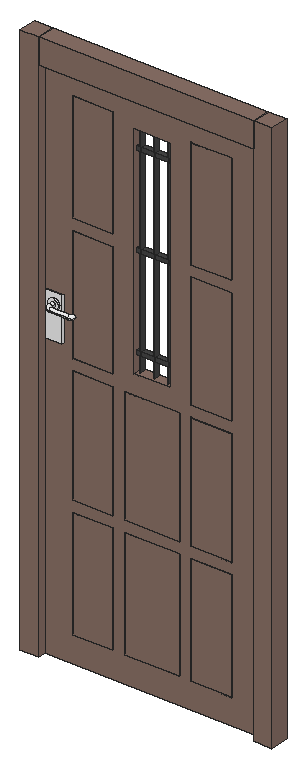
Revit family "DTI_A3-BSQTZMSOHS", category Doors, host Wall, Revit 2016 (continued)
Lines and regions (mm)
  model lines, style "Embossed carving"
    curve 1967: arc (224.066, 35, 214.028) -> (225.529, 35, 212.096) -> (227.934, 35, 211.795) r 3.118
    curve 1968: arc (227.934, 35, 211.795) -> (227.874, 35, 210.323) -> (227.19, 35, 209.018) r 3.36
    curve 1969: arc (227.19, 35, 209.018) -> (230.981, 35, 207.707) -> (233.503, 35, 210.828) r 3.491
    curve 1970: arc (233.503, 35, 210.828) -> (240.332, 35, 208.642) -> (247.162, 35, 210.828) r 11.764
    curve 1971: arc (247.162, 35, 210.828) -> (245.379, 35, 208.524) -> (243.076, 35, 206.741) r 11.531
    curve 1972: arc (243.076, 35, 206.741) -> (246.158, 35, 205.751) -> (248.48, 35, 203.494) r 7.098
    curve 1973: arc (248.48, 35, 203.494) -> (246.972, 35, 200.731) -> (243.926, 35, 199.936) r 3.966
    curve 1974: arc (243.926, 35, 199.936) -> (248.23, 35, 191.02) -> (250.664, 35, 181.423) r 49.267
    curve 1975: arc (250.664, 35, 181.423) -> (248.905, 35, 171.202) -> (241.415, 35, 164.028) r 16.574
    curve 1976: arc (241.415, 35, 164.028) -> (248.905, 35, 156.853) -> (250.664, 35, 146.632) r 16.574
    curve 1977: arc (250.664, 35, 146.632) -> (248.23, 35, 137.035) -> (243.926, 35, 128.119) r 49.267
    curve 1978: arc (243.926, 35, 128.119) -> (246.972, 35, 127.324) -> (248.48, 35, 124.561) r 3.966
    curve 1979: arc (248.48, 35, 124.561) -> (246.158, 35, 122.305) -> (243.076, 35, 121.314) r 7.098
    curve 1980: arc (243.076, 35, 121.314) -> (245.379, 35, 119.531) -> (247.162, 35, 117.227) r 11.531
    curve 1981: arc (247.162, 35, 117.227) -> (240.332, 35, 119.413) -> (233.503, 35, 117.227) r 11.764
    curve 1982: arc (233.503, 35, 117.227) -> (230.981, 35, 120.348) -> (227.19, 35, 119.038) r 3.491
    curve 1983: arc (227.19, 35, 119.038) -> (227.874, 35, 117.733) -> (227.934, 35, 116.26) r 3.36
    curve 1984: arc (227.934, 35, 116.26) -> (225.529, 35, 115.959) -> (224.066, 35, 114.028) r 3.118
    curve 1985: arc (224.066, 35, 114.028) -> (223.704, 35, 115.121) -> (223.027, 35, 116.053) r 3.748
    curve 1986: arc (223.027, 35, 212.002) -> (222.349, 35, 212.934) -> (221.987, 35, 214.028) r 3.748
    curve 1987: arc (221.987, 35, 214.028) -> (220.524, 35, 212.096) -> (218.12, 35, 211.795) r 3.118
    curve 1988: arc (218.12, 35, 211.795) -> (218.18, 35, 210.323) -> (218.864, 35, 209.018) r 3.36
    curve 1989: arc (218.864, 35, 209.018) -> (215.072, 35, 207.707) -> (212.551, 35, 210.828) r 3.491
    curve 1990: arc (212.551, 35, 210.828) -> (205.721, 35, 208.642) -> (198.891, 35, 210.828) r 11.764
    curve 1991: arc (198.891, 35, 210.828) -> (200.674, 35, 208.524) -> (202.978, 35, 206.741) r 11.531
    curve 1992: arc (202.978, 35, 206.741) -> (199.895, 35, 205.751) -> (197.574, 35, 203.494) r 7.098
    curve 1993: arc (197.574, 35, 203.494) -> (199.082, 35, 200.731) -> (202.128, 35, 199.936) r 3.966
    curve 1994: arc (202.128, 35, 199.936) -> (197.824, 35, 191.02) -> (195.389, 35, 181.423) r 49.267
    curve 1995: arc (195.389, 35, 181.423) -> (197.149, 35, 171.202) -> (204.639, 35, 164.028) r 16.574
    curve 1996: arc (204.639, 35, 164.028) -> (197.149, 35, 156.853) -> (195.389, 35, 146.632) r 16.574
    curve 1997: arc (195.389, 35, 146.632) -> (197.824, 35, 137.035) -> (202.128, 35, 128.119) r 49.267
    curve 1998: arc (202.128, 35, 128.119) -> (199.082, 35, 127.324) -> (197.574, 35, 124.561) r 3.966
    curve 1999: arc (197.574, 35, 124.561) -> (199.895, 35, 122.305) -> (202.978, 35, 121.314) r 7.098
    curve 2000: arc (202.978, 35, 121.314) -> (200.674, 35, 119.531) -> (198.891, 35, 117.227) r 11.531
    curve 2001: arc (198.891, 35, 117.227) -> (205.721, 35, 119.413) -> (212.551, 35, 117.227) r 11.764
    curve 2002: arc (212.551, 35, 117.227) -> (215.072, 35, 120.348) -> (218.864, 35, 119.038) r 3.491
    curve 2003: arc (218.864, 35, 119.038) -> (218.18, 35, 117.733) -> (218.12, 35, 116.26) r 3.36
    curve 2004: arc (218.12, 35, 116.26) -> (220.524, 35, 115.959) -> (221.987, 35, 114.028) r 3.118
    curve 2005: arc (221.987, 35, 114.028) -> (222.349, 35, 115.121) -> (223.027, 35, 116.053) r 3.748
    curve 2006: arc (-226.973, -5, 500.867) -> (-226.296, -5, 501.799) -> (-225.934, -5, 502.892) r 3.748
    curve 2007: arc (-225.934, -5, 502.892) -> (-224.471, -5, 500.961) -> (-222.066, -5, 500.66) r 3.118
    curve 2008: arc (-222.066, -5, 500.66) -> (-222.126, -5, 499.187) -> (-222.81, -5, 497.883) r 3.36
    curve 2009: arc (-222.81, -5, 497.883) -> (-219.019, -5, 496.572) -> (-216.497, -5, 499.693) r 3.491
    curve 2010: arc (-216.497, -5, 499.693) -> (-209.668, -5, 497.507) -> (-202.838, -5, 499.693) r 11.764
    curve 2011: arc (-202.838, -5, 499.693) -> (-204.621, -5, 497.389) -> (-206.924, -5, 495.606) r 11.531
    curve 2012: arc (-206.924, -5, 495.606) -> (-203.842, -5, 494.616) -> (-201.52, -5, 492.359) r 7.098
    curve 2013: arc (-201.52, -5, 492.359) -> (-203.028, -5, 489.596) -> (-206.074, -5, 488.801) r 3.966
    curve 2014: arc (-206.074, -5, 488.801) -> (-201.77, -5, 479.885) -> (-199.336, -5, 470.288) r 49.267
    curve 2015: arc (-199.336, -5, 470.288) -> (-201.095, -5, 460.067) -> (-208.585, -5, 452.892) r 16.574
    curve 2016: arc (-208.585, -5, 452.892) -> (-201.095, -5, 445.718) -> (-199.336, -5, 435.497) r 16.574
    curve 2017: arc (-199.336, -5, 435.497) -> (-201.77, -5, 425.9) -> (-206.074, -5, 416.984) r 49.267
    curve 2018: arc (-206.074, -5, 416.984) -> (-203.028, -5, 416.189) -> (-201.52, -5, 413.426) r 3.966
    curve 2019: arc (-201.52, -5, 413.426) -> (-203.842, -5, 411.169) -> (-206.924, -5, 410.179) r 7.098
    curve 2020: arc (-206.924, -5, 410.179) -> (-204.621, -5, 408.396) -> (-202.838, -5, 406.092) r 11.531
    curve 2021: arc (-202.838, -5, 406.092) -> (-209.668, -5, 408.278) -> (-216.497, -5, 406.092) r 11.764
    curve 2022: arc (-216.497, -5, 406.092) -> (-219.019, -5, 409.213) -> (-222.81, -5, 407.902) r 3.491
    curve 2023: arc (-222.81, -5, 407.902) -> (-222.126, -5, 406.597) -> (-222.066, -5, 405.125) r 3.36
    curve 2024: arc (-222.066, -5, 405.125) -> (-224.471, -5, 404.824) -> (-225.934, -5, 402.892) r 3.118
    curve 2025: arc (-225.934, -5, 402.892) -> (-226.296, -5, 403.986) -> (-226.973, -5, 404.918) r 3.748
    curve 2026: arc (-226.973, -5, 500.867) -> (-227.651, -5, 501.799) -> (-228.013, -5, 502.892) r 3.748
    curve 2027: arc (-228.013, -5, 502.892) -> (-229.476, -5, 500.961) -> (-231.88, -5, 500.66) r 3.118
    curve 2028: arc (-231.88, -5, 500.66) -> (-231.82, -5, 499.187) -> (-231.136, -5, 497.883) r 3.36
    curve 2029: arc (-231.136, -5, 497.883) -> (-234.928, -5, 496.572) -> (-237.449, -5, 499.693) r 3.491
    curve 2030: arc (-237.449, -5, 499.693) -> (-244.279, -5, 497.507) -> (-251.109, -5, 499.693) r 11.764
    curve 2031: arc (-251.109, -5, 499.693) -> (-249.326, -5, 497.389) -> (-247.022, -5, 495.606) r 11.531
    curve 2032: arc (-247.022, -5, 495.606) -> (-250.105, -5, 494.616) -> (-252.426, -5, 492.359) r 7.098
    curve 2033: arc (-252.426, -5, 492.359) -> (-250.918, -5, 489.596) -> (-247.872, -5, 488.801) r 3.966
    curve 2034: arc (-247.872, -5, 488.801) -> (-252.176, -5, 479.885) -> (-254.611, -5, 470.288) r 49.267
    curve 2035: arc (-254.611, -5, 470.288) -> (-252.851, -5, 460.067) -> (-245.361, -5, 452.892) r 16.574
    curve 2036: arc (-245.361, -5, 452.892) -> (-252.851, -5, 445.718) -> (-254.611, -5, 435.497) r 16.574
    curve 2037: arc (-254.611, -5, 435.497) -> (-252.176, -5, 425.9) -> (-247.872, -5, 416.984) r 49.267
    curve 2038: arc (-247.872, -5, 416.984) -> (-250.918, -5, 416.189) -> (-252.426, -5, 413.426) r 3.966
    curve 2039: arc (-252.426, -5, 413.426) -> (-250.105, -5, 411.169) -> (-247.022, -5, 410.179) r 7.098
    curve 2040: arc (-247.022, -5, 410.179) -> (-249.326, -5, 408.396) -> (-251.109, -5, 406.092) r 11.531
    curve 2041: arc (-251.109, -5, 406.092) -> (-244.279, -5, 408.278) -> (-237.449, -5, 406.092) r 11.764
    curve 2042: arc (-237.449, -5, 406.092) -> (-234.928, -5, 409.213) -> (-231.136, -5, 407.902) r 3.491
    curve 2043: arc (-231.136, -5, 407.902) -> (-231.82, -5, 406.597) -> (-231.88, -5, 405.125) r 3.36
    curve 2044: arc (-231.88, -5, 405.125) -> (-229.476, -5, 404.824) -> (-228.013, -5, 402.892) r 3.118
    curve 2045: arc (-228.013, -5, 402.892) -> (-227.651, -5, 403.986) -> (-226.973, -5, 404.918) r 3.748
    curve 2046: arc (-226.973, 35, 497.002) -> (-226.296, 35, 497.934) -> (-225.934, 35, 499.028) r 3.748
    curve 2047: arc (-225.934, 35, 499.028) -> (-224.471, 35, 497.096) -> (-222.066, 35, 496.795) r 3.118
    curve 2048: arc (-222.066, 35, 496.795) -> (-222.126, 35, 495.323) -> (-222.81, 35, 494.018) r 3.36
    curve 2049: arc (-222.81, 35, 494.018) -> (-219.019, 35, 492.707) -> (-216.497, 35, 495.828) r 3.491
    curve 2050: arc (-216.497, 35, 495.828) -> (-209.668, 35, 493.642) -> (-202.838, 35, 495.828) r 11.764
    curve 2051: arc (-202.838, 35, 495.828) -> (-204.621, 35, 493.524) -> (-206.924, 35, 491.741) r 11.531
    curve 2052: arc (-206.924, 35, 491.741) -> (-203.842, 35, 490.751) -> (-201.52, 35, 488.494) r 7.098
    curve 2053: arc (-201.52, 35, 488.494) -> (-203.028, 35, 485.731) -> (-206.074, 35, 484.936) r 3.966
    curve 2054: arc (-206.074, 35, 484.936) -> (-201.77, 35, 476.02) -> (-199.336, 35, 466.423) r 49.267
    curve 2055: arc (-199.336, 35, 466.423) -> (-201.095, 35, 456.202) -> (-208.585, 35, 449.028) r 16.574
    curve 2056: arc (-208.585, 35, 449.028) -> (-201.095, 35, 441.853) -> (-199.336, 35, 431.632) r 16.574
    curve 2057: arc (-199.336, 35, 431.632) -> (-201.77, 35, 422.035) -> (-206.074, 35, 413.119) r 49.267
    curve 2058: arc (-206.074, 35, 413.119) -> (-203.028, 35, 412.324) -> (-201.52, 35, 409.561) r 3.966
    curve 2059: arc (-201.52, 35, 409.561) -> (-203.842, 35, 407.305) -> (-206.924, 35, 406.314) r 7.098
    curve 2060: arc (-206.924, 35, 406.314) -> (-204.621, 35, 404.531) -> (-202.838, 35, 402.227) r 11.531
    curve 2061: arc (-202.838, 35, 402.227) -> (-209.668, 35, 404.413) -> (-216.497, 35, 402.227) r 11.764
    curve 2062: arc (-216.497, 35, 402.227) -> (-219.019, 35, 405.348) -> (-222.81, 35, 404.038) r 3.491
    curve 2063: arc (-222.81, 35, 404.038) -> (-222.126, 35, 402.733) -> (-222.066, 35, 401.26) r 3.36
    curve 2064: arc (-222.066, 35, 401.26) -> (-224.471, 35, 400.959) -> (-225.934, 35, 399.028) r 3.118
    curve 2065: arc (-225.934, 35, 399.028) -> (-226.296, 35, 400.121) -> (-226.973, 35, 401.053) r 3.748
    curve 2066: arc (-226.973, 35, 497.002) -> (-227.651, 35, 497.934) -> (-228.013, 35, 499.028) r 3.748
    curve 2067: arc (-228.013, 35, 499.028) -> (-229.476, 35, 497.096) -> (-231.88, 35, 496.795) r 3.118
    curve 2068: arc (-231.88, 35, 496.795) -> (-231.82, 35, 495.323) -> (-231.136, 35, 494.018) r 3.36
    curve 2069: arc (-231.136, 35, 494.018) -> (-234.928, 35, 492.707) -> (-237.449, 35, 495.828) r 3.491
    curve 2070: arc (-237.449, 35, 495.828) -> (-244.279, 35, 493.642) -> (-251.109, 35, 495.828) r 11.764
    curve 2071: arc (-251.109, 35, 495.828) -> (-249.326, 35, 493.524) -> (-247.022, 35, 491.741) r 11.531
    curve 2072: arc (-247.022, 35, 491.741) -> (-250.105, 35, 490.751) -> (-252.426, 35, 488.494) r 7.098
    curve 2073: arc (-252.426, 35, 488.494) -> (-250.918, 35, 485.731) -> (-247.872, 35, 484.936) r 3.966
    curve 2074: arc (-247.872, 35, 484.936) -> (-252.176, 35, 476.02) -> (-254.611, 35, 466.423) r 49.267
    curve 2075: arc (-254.611, 35, 466.423) -> (-252.851, 35, 456.202) -> (-245.361, 35, 449.028) r 16.574
    curve 2076: arc (-245.361, 35, 449.028) -> (-252.851, 35, 441.853) -> (-254.611, 35, 431.632) r 16.574
    curve 2077: arc (-254.611, 35, 431.632) -> (-252.176, 35, 422.035) -> (-247.872, 35, 413.119) r 49.267
    curve 2078: arc (-247.872, 35, 413.119) -> (-250.918, 35, 412.324) -> (-252.426, 35, 409.561) r 3.966
    curve 2079: arc (-252.426, 35, 409.561) -> (-250.105, 35, 407.305) -> (-247.022, 35, 406.314) r 7.098
    curve 2080: arc (-247.022, 35, 406.314) -> (-249.326, 35, 404.531) -> (-251.109, 35, 402.227) r 11.531
    curve 2081: arc (-251.109, 35, 402.227) -> (-244.279, 35, 404.413) -> (-237.449, 35, 402.227) r 11.764
    curve 2082: arc (-237.449, 35, 402.227) -> (-234.928, 35, 405.348) -> (-231.136, 35, 404.038) r 3.491
    curve 2083: arc (-231.136, 35, 404.038) -> (-231.82, 35, 402.733) -> (-231.88, 35, 401.26) r 3.36
    curve 2084: arc (-231.88, 35, 401.26) -> (-229.476, 35, 400.959) -> (-228.013, 35, 399.028) r 3.118
    curve 2085: arc (-228.013, 35, 399.028) -> (-227.651, 35, 400.121) -> (-226.973, 35, 401.053) r 3.748
    curve 2086: arc (-226.973, -5, 360.867) -> (-226.296, -5, 361.799) -> (-225.934, -5, 362.892) r 3.748
    curve 2087: arc (-225.934, -5, 362.892) -> (-224.471, -5, 360.961) -> (-222.066, -5, 360.66) r 3.118
    curve 2088: arc (-222.066, -5, 360.66) -> (-222.126, -5, 359.187) -> (-222.81, -5, 357.883) r 3.36
    curve 2089: arc (-222.81, -5, 357.883) -> (-219.019, -5, 356.572) -> (-216.497, -5, 359.693) r 3.491
    curve 2090: arc (-216.497, -5, 359.693) -> (-209.668, -5, 357.507) -> (-202.838, -5, 359.693) r 11.764
    curve 2091: arc (-202.838, -5, 359.693) -> (-204.621, -5, 357.389) -> (-206.924, -5, 355.606) r 11.531
    curve 2092: arc (-206.924, -5, 355.606) -> (-203.842, -5, 354.616) -> (-201.52, -5, 352.359) r 7.098
    curve 2093: arc (-201.52, -5, 352.359) -> (-203.028, -5, 349.596) -> (-206.074, -5, 348.801) r 3.966
    curve 2094: arc (-206.074, -5, 348.801) -> (-201.77, -5, 339.885) -> (-199.336, -5, 330.288) r 49.267
    curve 2095: arc (-199.336, -5, 330.288) -> (-201.095, -5, 320.067) -> (-208.585, -5, 312.892) r 16.574
    curve 2096: arc (-208.585, -5, 312.892) -> (-201.095, -5, 305.718) -> (-199.336, -5, 295.497) r 16.574
    curve 2097: arc (-199.336, -5, 295.497) -> (-201.77, -5, 285.9) -> (-206.074, -5, 276.984) r 49.267
    curve 2098: arc (-206.074, -5, 276.984) -> (-203.028, -5, 276.189) -> (-201.52, -5, 273.426) r 3.966
    curve 2099: arc (-201.52, -5, 273.426) -> (-203.842, -5, 271.169) -> (-206.924, -5, 270.179) r 7.098
    curve 2100: arc (-206.924, -5, 270.179) -> (-204.621, -5, 268.396) -> (-202.838, -5, 266.092) r 11.531
    curve 2101: arc (-202.838, -5, 266.092) -> (-209.668, -5, 268.278) -> (-216.497, -5, 266.092) r 11.764
    curve 2102: arc (-216.497, -5, 266.092) -> (-219.019, -5, 269.213) -> (-222.81, -5, 267.902) r 3.491
    curve 2103: arc (-222.81, -5, 267.902) -> (-222.126, -5, 266.597) -> (-222.066, -5, 265.125) r 3.36
    curve 2104: arc (-222.066, -5, 265.125) -> (-224.471, -5, 264.824) -> (-225.934, -5, 262.892) r 3.118
    curve 2105: arc (-225.934, -5, 262.892) -> (-226.296, -5, 263.986) -> (-226.973, -5, 264.918) r 3.748
    curve 2106: arc (-226.973, -5, 360.867) -> (-227.651, -5, 361.799) -> (-228.013, -5, 362.892) r 3.748
    curve 2107: arc (-228.013, -5, 362.892) -> (-229.476, -5, 360.961) -> (-231.88, -5, 360.66) r 3.118
    curve 2108: arc (-231.88, -5, 360.66) -> (-231.82, -5, 359.187) -> (-231.136, -5, 357.883) r 3.36
    curve 2109: arc (-231.136, -5, 357.883) -> (-234.928, -5, 356.572) -> (-237.449, -5, 359.693) r 3.491
    curve 2110: arc (-237.449, -5, 359.693) -> (-244.279, -5, 357.507) -> (-251.109, -5, 359.693) r 11.764
    curve 2111: arc (-251.109, -5, 359.693) -> (-249.326, -5, 357.389) -> (-247.022, -5, 355.606) r 11.531
    curve 2112: arc (-247.022, -5, 355.606) -> (-250.105, -5, 354.616) -> (-252.426, -5, 352.359) r 7.098
    curve 2113: arc (-252.426, -5, 352.359) -> (-250.918, -5, 349.596) -> (-247.872, -5, 348.801) r 3.966
    curve 2114: arc (-247.872, -5, 348.801) -> (-252.176, -5, 339.885) -> (-254.611, -5, 330.288) r 49.267
    curve 2115: arc (-254.611, -5, 330.288) -> (-252.851, -5, 320.067) -> (-245.361, -5, 312.892) r 16.574
    curve 2116: arc (-245.361, -5, 312.892) -> (-252.851, -5, 305.718) -> (-254.611, -5, 295.497) r 16.574
    curve 2117: arc (-254.611, -5, 295.497) -> (-252.176, -5, 285.9) -> (-247.872, -5, 276.984) r 49.267
    curve 2118: arc (-247.872, -5, 276.984) -> (-250.918, -5, 276.189) -> (-252.426, -5, 273.426) r 3.966
    curve 2119: arc (-252.426, -5, 273.426) -> (-250.105, -5, 271.169) -> (-247.022, -5, 270.179) r 7.098
    curve 2120: arc (-247.022, -5, 270.179) -> (-249.326, -5, 268.396) -> (-251.109, -5, 266.092) r 11.531
    curve 2121: arc (-251.109, -5, 266.092) -> (-244.279, -5, 268.278) -> (-237.449, -5, 266.092) r 11.764
    curve 2122: arc (-237.449, -5, 266.092) -> (-234.928, -5, 269.213) -> (-231.136, -5, 267.902) r 3.491
    curve 2123: arc (-231.136, -5, 267.902) -> (-231.82, -5, 266.597) -> (-231.88, -5, 265.125) r 3.36
    curve 2124: arc (-231.88, -5, 265.125) -> (-229.476, -5, 264.824) -> (-228.013, -5, 262.892) r 3.118
    curve 2125: arc (-228.013, -5, 262.892) -> (-227.651, -5, 263.986) -> (-226.973, -5, 264.918) r 3.748
    curve 2126: arc (-226.973, 35, 357.002) -> (-226.296, 35, 357.934) -> (-225.934, 35, 359.028) r 3.748
    curve 2127: arc (-225.934, 35, 359.028) -> (-224.471, 35, 357.096) -> (-222.066, 35, 356.795) r 3.118
    curve 2128: arc (-222.066, 35, 356.795) -> (-222.126, 35, 355.323) -> (-222.81, 35, 354.018) r 3.36
    curve 2129: arc (-222.81, 35, 354.018) -> (-219.019, 35, 352.707) -> (-216.497, 35, 355.828) r 3.491
    curve 2130: arc (-216.497, 35, 355.828) -> (-209.668, 35, 353.642) -> (-202.838, 35, 355.828) r 11.764
    curve 2131: arc (-202.838, 35, 355.828) -> (-204.621, 35, 353.524) -> (-206.924, 35, 351.741) r 11.531
    curve 2132: arc (-206.924, 35, 351.741) -> (-203.842, 35, 350.751) -> (-201.52, 35, 348.494) r 7.098
    curve 2133: arc (-201.52, 35, 348.494) -> (-203.028, 35, 345.731) -> (-206.074, 35, 344.936) r 3.966
    curve 2134: arc (-206.074, 35, 344.936) -> (-201.77, 35, 336.02) -> (-199.336, 35, 326.423) r 49.267
    curve 2135: arc (-199.336, 35, 326.423) -> (-201.095, 35, 316.202) -> (-208.585, 35, 309.028) r 16.574
    curve 2136: arc (-208.585, 35, 309.028) -> (-201.095, 35, 301.853) -> (-199.336, 35, 291.632) r 16.574
    curve 2137: arc (-199.336, 35, 291.632) -> (-201.77, 35, 282.035) -> (-206.074, 35, 273.119) r 49.267
    curve 2138: arc (-206.074, 35, 273.119) -> (-203.028, 35, 272.324) -> (-201.52, 35, 269.561) r 3.966
    curve 2139: arc (-201.52, 35, 269.561) -> (-203.842, 35, 267.305) -> (-206.924, 35, 266.314) r 7.098
    curve 2140: arc (-206.924, 35, 266.314) -> (-204.621, 35, 264.531) -> (-202.838, 35, 262.227) r 11.531
    curve 2141: arc (-202.838, 35, 262.227) -> (-209.668, 35, 264.413) -> (-216.497, 35, 262.227) r 11.764
    curve 2142: arc (-216.497, 35, 262.227) -> (-219.019, 35, 265.348) -> (-222.81, 35, 264.038) r 3.491
    curve 2143: arc (-222.81, 35, 264.038) -> (-222.126, 35, 262.733) -> (-222.066, 35, 261.26) r 3.36
    curve 2144: arc (-222.066, 35, 261.26) -> (-224.471, 35, 260.959) -> (-225.934, 35, 259.028) r 3.118
    curve 2145: arc (-225.934, 35, 259.028) -> (-226.296, 35, 260.121) -> (-226.973, 35, 261.053) r 3.748
    curve 2146: arc (-226.973, 35, 357.002) -> (-227.651, 35, 357.934) -> (-228.013, 35, 359.028) r 3.748
    curve 2147: arc (-228.013, 35, 359.028) -> (-229.476, 35, 357.096) -> (-231.88, 35, 356.795) r 3.118
    curve 2148: arc (-231.88, 35, 356.795) -> (-231.82, 35, 355.323) -> (-231.136, 35, 354.018) r 3.36
    curve 2149: arc (-231.136, 35, 354.018) -> (-234.928, 35, 352.707) -> (-237.449, 35, 355.828) r 3.491
    curve 2150: arc (-237.449, 35, 355.828) -> (-244.279, 35, 353.642) -> (-251.109, 35, 355.828) r 11.764
    curve 2151: arc (-251.109, 35, 355.828) -> (-249.326, 35, 353.524) -> (-247.022, 35, 351.741) r 11.531
    curve 2152: arc (-247.022, 35, 351.741) -> (-250.105, 35, 350.751) -> (-252.426, 35, 348.494) r 7.098
    curve 2153: arc (-252.426, 35, 348.494) -> (-250.918, 35, 345.731) -> (-247.872, 35, 344.936) r 3.966
    curve 2154: arc (-247.872, 35, 344.936) -> (-252.176, 35, 336.02) -> (-254.611, 35, 326.423) r 49.267
    curve 2155: arc (-254.611, 35, 326.423) -> (-252.851, 35, 316.202) -> (-245.361, 35, 309.028) r 16.574
    curve 2156: arc (-245.361, 35, 309.028) -> (-252.851, 35, 301.853) -> (-254.611, 35, 291.632) r 16.574
    curve 2157: arc (-254.611, 35, 291.632) -> (-252.176, 35, 282.035) -> (-247.872, 35, 273.119) r 49.267
    curve 2158: arc (-247.872, 35, 273.119) -> (-250.918, 35, 272.324) -> (-252.426, 35, 269.561) r 3.966
    curve 2159: arc (-252.426, 35, 269.561) -> (-250.105, 35, 267.305) -> (-247.022, 35, 266.314) r 7.098
    curve 2160: arc (-247.022, 35, 266.314) -> (-249.326, 35, 264.531) -> (-251.109, 35, 262.227) r 11.531
    curve 2161: arc (-251.109, 35, 262.227) -> (-244.279, 35, 264.413) -> (-237.449, 35, 262.227) r 11.764
    curve 2162: arc (-237.449, 35, 262.227) -> (-234.928, 35, 265.348) -> (-231.136, 35, 264.038) r 3.491
    curve 2163: arc (-231.136, 35, 264.038) -> (-231.82, 35, 262.733) -> (-231.88, 35, 261.26) r 3.36
    curve 2164: arc (-231.88, 35, 261.26) -> (-229.476, 35, 260.959) -> (-228.013, 35, 259.028) r 3.118
    curve 2165: arc (-228.013, 35, 259.028) -> (-227.651, 35, 260.121) -> (-226.973, 35, 261.053) r 3.748
    curve 2166: arc (-226.973, -5, 215.867) -> (-226.296, -5, 216.799) -> (-225.934, -5, 217.892) r 3.748
    curve 2167: arc (-225.934, -5, 217.892) -> (-224.471, -5, 215.961) -> (-222.066, -5, 215.66) r 3.118
    curve 2168: arc (-222.066, -5, 215.66) -> (-222.126, -5, 214.187) -> (-222.81, -5, 212.883) r 3.36
    curve 2169: arc (-222.81, -5, 212.883) -> (-219.019, -5, 211.572) -> (-216.497, -5, 214.693) r 3.491
    curve 2170: arc (-216.497, -5, 214.693) -> (-209.668, -5, 212.507) -> (-202.838, -5, 214.693) r 11.764
    curve 2171: arc (-202.838, -5, 214.693) -> (-204.621, -5, 212.389) -> (-206.924, -5, 210.606) r 11.531
    curve 2172: arc (-206.924, -5, 210.606) -> (-203.842, -5, 209.616) -> (-201.52, -5, 207.359) r 7.098
    curve 2173: arc (-201.52, -5, 207.359) -> (-203.028, -5, 204.596) -> (-206.074, -5, 203.801) r 3.966
    curve 2174: arc (-206.074, -5, 203.801) -> (-201.77, -5, 194.885) -> (-199.336, -5, 185.288) r 49.267
    curve 2175: arc (-199.336, -5, 185.288) -> (-201.095, -5, 175.067) -> (-208.585, -5, 167.892) r 16.574
    curve 2176: arc (-208.585, -5, 167.892) -> (-201.095, -5, 160.718) -> (-199.336, -5, 150.497) r 16.574
    curve 2177: arc (-199.336, -5, 150.497) -> (-201.77, -5, 140.9) -> (-206.074, -5, 131.984) r 49.267
    curve 2178: arc (-206.074, -5, 131.984) -> (-203.028, -5, 131.189) -> (-201.52, -5, 128.426) r 3.966
    curve 2179: arc (-201.52, -5, 128.426) -> (-203.842, -5, 126.169) -> (-206.924, -5, 125.179) r 7.098
    curve 2180: arc (-206.924, -5, 125.179) -> (-204.621, -5, 123.396) -> (-202.838, -5, 121.092) r 11.531
    curve 2181: arc (-202.838, -5, 121.092) -> (-209.668, -5, 123.278) -> (-216.497, -5, 121.092) r 11.764
    curve 2182: arc (-216.497, -5, 121.092) -> (-219.019, -5, 124.213) -> (-222.81, -5, 122.902) r 3.491
    curve 2183: arc (-222.81, -5, 122.902) -> (-222.126, -5, 121.597) -> (-222.066, -5, 120.125) r 3.36
    curve 2184: arc (-222.066, -5, 120.125) -> (-224.471, -5, 119.824) -> (-225.934, -5, 117.892) r 3.118
    curve 2185: arc (-225.934, -5, 117.892) -> (-226.296, -5, 118.986) -> (-226.973, -5, 119.918) r 3.748
    curve 2186: arc (-226.973, -5, 215.867) -> (-227.651, -5, 216.799) -> (-228.013, -5, 217.892) r 3.748
    curve 2187: arc (-228.013, -5, 217.892) -> (-229.476, -5, 215.961) -> (-231.88, -5, 215.66) r 3.118
    curve 2188: arc (-231.88, -5, 215.66) -> (-231.82, -5, 214.187) -> (-231.136, -5, 212.883) r 3.36
    curve 2189: arc (-231.136, -5, 212.883) -> (-234.928, -5, 211.572) -> (-237.449, -5, 214.693) r 3.491
    curve 2190: arc (-237.449, -5, 214.693) -> (-244.279, -5, 212.507) -> (-251.109, -5, 214.693) r 11.764
    curve 2191: arc (-251.109, -5, 214.693) -> (-249.326, -5, 212.389) -> (-247.022, -5, 210.606) r 11.531
    curve 2192: arc (-247.022, -5, 210.606) -> (-250.105, -5, 209.616) -> (-252.426, -5, 207.359) r 7.098
    curve 2193: arc (-252.426, -5, 207.359) -> (-250.918, -5, 204.596) -> (-247.872, -5, 203.801) r 3.966
    curve 2194: arc (-247.872, -5, 203.801) -> (-252.176, -5, 194.885) -> (-254.611, -5, 185.288) r 49.267
    curve 2195: arc (-254.611, -5, 185.288) -> (-252.851, -5, 175.067) -> (-245.361, -5, 167.892) r 16.574
    curve 2196: arc (-245.361, -5, 167.892) -> (-252.851, -5, 160.718) -> (-254.611, -5, 150.497) r 16.574
    curve 2197: arc (-254.611, -5, 150.497) -> (-252.176, -5, 140.9) -> (-247.872, -5, 131.984) r 49.267
    curve 2198: arc (-247.872, -5, 131.984) -> (-250.918, -5, 131.189) -> (-252.426, -5, 128.426) r 3.966
    curve 2199: arc (-252.426, -5, 128.426) -> (-250.105, -5, 126.169) -> (-247.022, -5, 125.179) r 7.098
    curve 2200: arc (-247.022, -5, 125.179) -> (-249.326, -5, 123.396) -> (-251.109, -5, 121.092) r 11.531
    curve 2201: arc (-251.109, -5, 121.092) -> (-244.279, -5, 123.278) -> (-237.449, -5, 121.092) r 11.764
    curve 2202: arc (-237.449, -5, 121.092) -> (-234.928, -5, 124.213) -> (-231.136, -5, 122.902) r 3.491
    curve 2203: arc (-231.136, -5, 122.902) -> (-231.82, -5, 121.597) -> (-231.88, -5, 120.125) r 3.36
    curve 2204: arc (-231.88, -5, 120.125) -> (-229.476, -5, 119.824) -> (-228.013, -5, 117.892) r 3.118
    curve 2205: arc (-228.013, -5, 117.892) -> (-227.651, -5, 118.986) -> (-226.973, -5, 119.918) r 3.748
    curve 2206: arc (-226.973, 35, 212.002) -> (-226.296, 35, 212.934) -> (-225.934, 35, 214.028) r 3.748
    curve 2207: arc (-225.934, 35, 214.028) -> (-224.471, 35, 212.096) -> (-222.066, 35, 211.795) r 3.118
    curve 2208: arc (-222.066, 35, 211.795) -> (-222.126, 35, 210.323) -> (-222.81, 35, 209.018) r 3.36
    curve 2209: arc (-222.81, 35, 209.018) -> (-219.019, 35, 207.707) -> (-216.497, 35, 210.828) r 3.491
    curve 2210: arc (-216.497, 35, 210.828) -> (-209.668, 35, 208.642) -> (-202.838, 35, 210.828) r 11.764
    curve 2211: arc (-202.838, 35, 210.828) -> (-204.621, 35, 208.524) -> (-206.924, 35, 206.741) r 11.531
    curve 2212: arc (-206.924, 35, 206.741) -> (-203.842, 35, 205.751) -> (-201.52, 35, 203.494) r 7.098
    curve 2213: arc (-201.52, 35, 203.494) -> (-203.028, 35, 200.731) -> (-206.074, 35, 199.936) r 3.966
    curve 2214: arc (-206.074, 35, 199.936) -> (-201.77, 35, 191.02) -> (-199.336, 35, 181.423) r 49.267
    curve 2215: arc (-199.336, 35, 181.423) -> (-201.095, 35, 171.202) -> (-208.585, 35, 164.028) r 16.574
    curve 2216: arc (-208.585, 35, 164.028) -> (-201.095, 35, 156.853) -> (-199.336, 35, 146.632) r 16.574
    curve 2217: arc (-199.336, 35, 146.632) -> (-201.77, 35, 137.035) -> (-206.074, 35, 128.119) r 49.267
    curve 2218: arc (-206.074, 35, 128.119) -> (-203.028, 35, 127.324) -> (-201.52, 35, 124.561) r 3.966
    curve 2219: arc (-201.52, 35, 124.561) -> (-203.842, 35, 122.305) -> (-206.924, 35, 121.314) r 7.098
    curve 2220: arc (-206.924, 35, 121.314) -> (-204.621, 35, 119.531) -> (-202.838, 35, 117.227) r 11.531
    curve 2221: arc (-202.838, 35, 117.227) -> (-209.668, 35, 119.413) -> (-216.497, 35, 117.227) r 11.764
    curve 2222: arc (-216.497, 35, 117.227) -> (-219.019, 35, 120.348) -> (-222.81, 35, 119.038) r 3.491
    curve 2223: arc (-222.81, 35, 119.038) -> (-222.126, 35, 117.733) -> (-222.066, 35, 116.26) r 3.36
    curve 2224: arc (-222.066, 35, 116.26) -> (-224.471, 35, 115.959) -> (-225.934, 35, 114.028) r 3.118
    curve 2225: arc (-225.934, 35, 114.028) -> (-226.296, 35, 115.121) -> (-226.973, 35, 116.053) r 3.748
    curve 2226: arc (-226.973, 35, 212.002) -> (-227.651, 35, 212.934) -> (-228.013, 35, 214.028) r 3.748
    curve 2227: arc (-228.013, 35, 214.028) -> (-229.476, 35, 212.096) -> (-231.88, 35, 211.795) r 3.118
    curve 2228: arc (-231.88, 35, 211.795) -> (-231.82, 35, 210.323) -> (-231.136, 35, 209.018) r 3.36
    curve 2229: arc (-231.136, 35, 209.018) -> (-234.928, 35, 207.707) -> (-237.449, 35, 210.828) r 3.491
    curve 2230: arc (-237.449, 35, 210.828) -> (-244.279, 35, 208.642) -> (-251.109, 35, 210.828) r 11.764
    curve 2231: arc (-251.109, 35, 210.828) -> (-249.326, 35, 208.524) -> (-247.022, 35, 206.741) r 11.531
    curve 2232: arc (-247.022, 35, 206.741) -> (-250.105, 35, 205.751) -> (-252.426, 35, 203.494) r 7.098
    curve 2233: arc (-252.426, 35, 203.494) -> (-250.918, 35, 200.731) -> (-247.872, 35, 199.936) r 3.966
    curve 2234: arc (-247.872, 35, 199.936) -> (-252.176, 35, 191.02) -> (-254.611, 35, 181.423) r 49.267
    curve 2235: arc (-254.611, 35, 181.423) -> (-252.851, 35, 171.202) -> (-245.361, 35, 164.028) r 16.574
    curve 2236: arc (-245.361, 35, 164.028) -> (-252.851, 35, 156.853) -> (-254.611, 35, 146.632) r 16.574
    curve 2237: arc (-254.611, 35, 146.632) -> (-252.176, 35, 137.035) -> (-247.872, 35, 128.119) r 49.267
    curve 2238: arc (-247.872, 35, 128.119) -> (-250.918, 35, 127.324) -> (-252.426, 35, 124.561) r 3.966
    curve 2239: arc (-252.426, 35, 124.561) -> (-250.105, 35, 122.305) -> (-247.022, 35, 121.314) r 7.098
    curve 2240: arc (-247.022, 35, 121.314) -> (-249.326, 35, 119.531) -> (-251.109, 35, 117.227) r 11.531
    curve 2241: arc (-251.109, 35, 117.227) -> (-244.279, 35, 119.413) -> (-237.449, 35, 117.227) r 11.764
    curve 2242: arc (-237.449, 35, 117.227) -> (-234.928, 35, 120.348) -> (-231.136, 35, 119.038) r 3.491
    curve 2243: arc (-231.136, 35, 119.038) -> (-231.82, 35, 117.733) -> (-231.88, 35, 116.26) r 3.36
    curve 2244: arc (-231.88, 35, 116.26) -> (-229.476, 35, 115.959) -> (-228.013, 35, 114.028) r 3.118
    curve 2245: arc (-228.013, 35, 114.028) -> (-227.651, 35, 115.121) -> (-226.973, 35, 116.053) r 3.748
    curve 2246: arc (-226.973, -5, 970.867) -> (-226.296, -5, 971.799) -> (-225.934, -5, 972.892) r 3.748
    curve 2247: arc (-225.934, -5, 972.892) -> (-224.471, -5, 970.961) -> (-222.066, -5, 970.66) r 3.118
    curve 2248: arc (-222.066, -5, 970.66) -> (-222.126, -5, 969.187) -> (-222.81, -5, 967.883) r 3.36
    curve 2249: arc (-222.81, -5, 967.883) -> (-219.019, -5, 966.572) -> (-216.497, -5, 969.693) r 3.491
    curve 2250: arc (-216.497, -5, 969.693) -> (-209.668, -5, 967.507) -> (-202.838, -5, 969.693) r 11.764
    curve 2251: arc (-202.838, -5, 969.693) -> (-204.621, -5, 967.389) -> (-206.924, -5, 965.606) r 11.531
    curve 2252: arc (-206.924, -5, 965.606) -> (-203.842, -5, 964.616) -> (-201.52, -5, 962.359) r 7.098
    curve 2253: arc (-201.52, -5, 962.359) -> (-203.028, -5, 959.596) -> (-206.074, -5, 958.801) r 3.966
    curve 2254: arc (-206.074, -5, 958.801) -> (-201.77, -5, 949.885) -> (-199.336, -5, 940.288) r 49.267
    curve 2255: arc (-199.336, -5, 940.288) -> (-201.095, -5, 930.067) -> (-208.585, -5, 922.892) r 16.574
    curve 2256: arc (-208.585, -5, 922.892) -> (-201.095, -5, 915.718) -> (-199.336, -5, 905.497) r 16.574
    curve 2257: arc (-199.336, -5, 905.497) -> (-201.77, -5, 895.9) -> (-206.074, -5, 886.984) r 49.267
    curve 2258: arc (-206.074, -5, 886.984) -> (-203.028, -5, 886.189) -> (-201.52, -5, 883.426) r 3.966
    curve 2259: arc (-201.52, -5, 883.426) -> (-203.842, -5, 881.169) -> (-206.924, -5, 880.179) r 7.098
    curve 2260: arc (-206.924, -5, 880.179) -> (-204.621, -5, 878.396) -> (-202.838, -5, 876.092) r 11.531
    curve 2261: arc (-202.838, -5, 876.092) -> (-209.668, -5, 878.278) -> (-216.497, -5, 876.092) r 11.764
    curve 2262: arc (-216.497, -5, 876.092) -> (-219.019, -5, 879.213) -> (-222.81, -5, 877.902) r 3.491
    curve 2263: arc (-222.81, -5, 877.902) -> (-222.126, -5, 876.597) -> (-222.066, -5, 875.125) r 3.36
    curve 2264: arc (-222.066, -5, 875.125) -> (-224.471, -5, 874.824) -> (-225.934, -5, 872.892) r 3.118
    curve 2265: arc (-225.934, -5, 872.892) -> (-226.296, -5, 873.986) -> (-226.973, -5, 874.918) r 3.748
    curve 2266: arc (-226.973, -5, 970.867) -> (-227.651, -5, 971.799) -> (-228.013, -5, 972.892) r 3.748
    curve 2267: arc (-228.013, -5, 972.892) -> (-229.476, -5, 970.961) -> (-231.88, -5, 970.66) r 3.118
    curve 2268: arc (-231.88, -5, 970.66) -> (-231.82, -5, 969.187) -> (-231.136, -5, 967.883) r 3.36
    curve 2269: arc (-231.136, -5, 967.883) -> (-234.928, -5, 966.572) -> (-237.449, -5, 969.693) r 3.491
    curve 2270: arc (-237.449, -5, 969.693) -> (-244.279, -5, 967.507) -> (-251.109, -5, 969.693) r 11.764
    curve 2271: arc (-251.109, -5, 969.693) -> (-249.326, -5, 967.389) -> (-247.022, -5, 965.606) r 11.531
    curve 2272: arc (-247.022, -5, 965.606) -> (-250.105, -5, 964.616) -> (-252.426, -5, 962.359) r 7.098
    curve 2273: arc (-252.426, -5, 962.359) -> (-250.918, -5, 959.596) -> (-247.872, -5, 958.801) r 3.966
    curve 2274: arc (-247.872, -5, 958.801) -> (-252.176, -5, 949.885) -> (-254.611, -5, 940.288) r 49.267
    curve 2275: arc (-254.611, -5, 940.288) -> (-252.851, -5, 930.067) -> (-245.361, -5, 922.892) r 16.574
    curve 2276: arc (-245.361, -5, 922.892) -> (-252.851, -5, 915.718) -> (-254.611, -5, 905.497) r 16.574
    curve 2277: arc (-254.611, -5, 905.497) -> (-252.176, -5, 895.9) -> (-247.872, -5, 886.984) r 49.267
    curve 2278: arc (-247.872, -5, 886.984) -> (-250.918, -5, 886.189) -> (-252.426, -5, 883.426) r 3.966
    curve 2279: arc (-252.426, -5, 883.426) -> (-250.105, -5, 881.169) -> (-247.022, -5, 880.179) r 7.098
    curve 2280: arc (-247.022, -5, 880.179) -> (-249.326, -5, 878.396) -> (-251.109, -5, 876.092) r 11.531
    curve 2281: arc (-251.109, -5, 876.092) -> (-244.279, -5, 878.278) -> (-237.449, -5, 876.092) r 11.764
    curve 2282: arc (-237.449, -5, 876.092) -> (-234.928, -5, 879.213) -> (-231.136, -5, 877.902) r 3.491
    curve 2283: arc (-231.136, -5, 877.902) -> (-231.82, -5, 876.597) -> (-231.88, -5, 875.125) r 3.36
    curve 2284: arc (-231.88, -5, 875.125) -> (-229.476, -5, 874.824) -> (-228.013, -5, 872.892) r 3.118
    curve 2285: arc (-228.013, -5, 872.892) -> (-227.651, -5, 873.986) -> (-226.973, -5, 874.918) r 3.748
    curve 2286: arc (-226.973, 35, 967.002) -> (-226.296, 35, 967.934) -> (-225.934, 35, 969.028) r 3.748
    curve 2287: arc (-225.934, 35, 969.028) -> (-224.471, 35, 967.096) -> (-222.066, 35, 966.795) r 3.118
    curve 2288: arc (-222.066, 35, 966.795) -> (-222.126, 35, 965.323) -> (-222.81, 35, 964.018) r 3.36
    curve 2289: arc (-222.81, 35, 964.018) -> (-219.019, 35, 962.707) -> (-216.497, 35, 965.828) r 3.491
    curve 2290: arc (-216.497, 35, 965.828) -> (-209.668, 35, 963.642) -> (-202.838, 35, 965.828) r 11.764
    curve 2291: arc (-202.838, 35, 965.828) -> (-204.621, 35, 963.524) -> (-206.924, 35, 961.741) r 11.531
    curve 2292: arc (-206.924, 35, 961.741) -> (-203.842, 35, 960.751) -> (-201.52, 35, 958.494) r 7.098
    curve 2293: arc (-201.52, 35, 958.494) -> (-203.028, 35, 955.731) -> (-206.074, 35, 954.936) r 3.966
    curve 2294: arc (-206.074, 35, 954.936) -> (-201.77, 35, 946.02) -> (-199.336, 35, 936.423) r 49.267
    curve 2295: arc (-199.336, 35, 936.423) -> (-201.095, 35, 926.202) -> (-208.585, 35, 919.028) r 16.574
    curve 2296: arc (-208.585, 35, 919.028) -> (-201.095, 35, 911.853) -> (-199.336, 35, 901.632) r 16.574
    curve 2297: arc (-199.336, 35, 901.632) -> (-201.77, 35, 892.035) -> (-206.074, 35, 883.119) r 49.267
    curve 2298: arc (-206.074, 35, 883.119) -> (-203.028, 35, 882.324) -> (-201.52, 35, 879.561) r 3.966
    curve 2299: arc (-201.52, 35, 879.561) -> (-203.842, 35, 877.305) -> (-206.924, 35, 876.314) r 7.098
    curve 2300: arc (-206.924, 35, 876.314) -> (-204.621, 35, 874.531) -> (-202.838, 35, 872.227) r 11.531
    curve 2301: arc (-202.838, 35, 872.227) -> (-209.668, 35, 874.413) -> (-216.497, 35, 872.227) r 11.764
    curve 2302: arc (-216.497, 35, 872.227) -> (-219.019, 35, 875.348) -> (-222.81, 35, 874.038) r 3.491
    curve 2303: arc (-222.81, 35, 874.038) -> (-222.126, 35, 872.733) -> (-222.066, 35, 871.26) r 3.36
    curve 2304: arc (-222.066, 35, 871.26) -> (-224.471, 35, 870.959) -> (-225.934, 35, 869.028) r 3.118
    curve 2305: arc (-225.934, 35, 869.028) -> (-226.296, 35, 870.121) -> (-226.973, 35, 871.053) r 3.748
    curve 2306: arc (-226.973, 35, 967.002) -> (-227.651, 35, 967.934) -> (-228.013, 35, 969.028) r 3.748
    curve 2307: arc (-228.013, 35, 969.028) -> (-229.476, 35, 967.096) -> (-231.88, 35, 966.795) r 3.118
    curve 2308: arc (-231.88, 35, 966.795) -> (-231.82, 35, 965.323) -> (-231.136, 35, 964.018) r 3.36
    curve 2309: arc (-231.136, 35, 964.018) -> (-234.928, 35, 962.707) -> (-237.449, 35, 965.828) r 3.491
    curve 2310: arc (-237.449, 35, 965.828) -> (-244.279, 35, 963.642) -> (-251.109, 35, 965.828) r 11.764
    curve 2311: arc (-251.109, 35, 965.828) -> (-249.326, 35, 963.524) -> (-247.022, 35, 961.741) r 11.531
    curve 2312: arc (-247.022, 35, 961.741) -> (-250.105, 35, 960.751) -> (-252.426, 35, 958.494) r 7.098
    curve 2313: arc (-252.426, 35, 958.494) -> (-250.918, 35, 955.731) -> (-247.872, 35, 954.936) r 3.966
    curve 2314: arc (-247.872, 35, 954.936) -> (-252.176, 35, 946.02) -> (-254.611, 35, 936.423) r 49.267
    curve 2315: arc (-254.611, 35, 936.423) -> (-252.851, 35, 926.202) -> (-245.361, 35, 919.028) r 16.574
    curve 2316: arc (-245.361, 35, 919.028) -> (-252.851, 35, 911.853) -> (-254.611, 35, 901.632) r 16.574
    curve 2317: arc (-254.611, 35, 901.632) -> (-252.176, 35, 892.035) -> (-247.872, 35, 883.119) r 49.267
    curve 2318: arc (-247.872, 35, 883.119) -> (-250.918, 35, 882.324) -> (-252.426, 35, 879.561) r 3.966
    curve 2319: arc (-252.426, 35, 879.561) -> (-250.105, 35, 877.305) -> (-247.022, 35, 876.314) r 7.098
    curve 2320: arc (-247.022, 35, 876.314) -> (-249.326, 35, 874.531) -> (-251.109, 35, 872.227) r 11.531
    curve 2321: arc (-251.109, 35, 872.227) -> (-244.279, 35, 874.413) -> (-237.449, 35, 872.227) r 11.764
    curve 2322: arc (-237.449, 35, 872.227) -> (-234.928, 35, 875.348) -> (-231.136, 35, 874.038) r 3.491
    curve 2323: arc (-231.136, 35, 874.038) -> (-231.82, 35, 872.733) -> (-231.88, 35, 871.26) r 3.36
    curve 2324: arc (-231.88, 35, 871.26) -> (-229.476, 35, 870.959) -> (-228.013, 35, 869.028) r 3.118
    curve 2325: arc (-228.013, 35, 869.028) -> (-227.651, 35, 870.121) -> (-226.973, 35, 871.053) r 3.748
    curve 2326: arc (-226.973, -5, 830.867) -> (-226.296, -5, 831.799) -> (-225.934, -5, 832.892) r 3.748
    curve 2327: arc (-225.934, -5, 832.892) -> (-224.471, -5, 830.961) -> (-222.066, -5, 830.66) r 3.118
    curve 2328: arc (-222.066, -5, 830.66) -> (-222.126, -5, 829.187) -> (-222.81, -5, 827.883) r 3.36
    curve 2329: arc (-222.81, -5, 827.883) -> (-219.019, -5, 826.572) -> (-216.497, -5, 829.693) r 3.491
    curve 2330: arc (-216.497, -5, 829.693) -> (-209.668, -5, 827.507) -> (-202.838, -5, 829.693) r 11.764
    curve 2331: arc (-202.838, -5, 829.693) -> (-204.621, -5, 827.389) -> (-206.924, -5, 825.606) r 11.531
    curve 2332: arc (-206.924, -5, 825.606) -> (-203.842, -5, 824.616) -> (-201.52, -5, 822.359) r 7.098
    curve 2333: arc (-201.52, -5, 822.359) -> (-203.028, -5, 819.596) -> (-206.074, -5, 818.801) r 3.966
    curve 2334: arc (-206.074, -5, 818.801) -> (-201.77, -5, 809.885) -> (-199.336, -5, 800.288) r 49.267
    curve 2335: arc (-199.336, -5, 800.288) -> (-201.095, -5, 790.067) -> (-208.585, -5, 782.892) r 16.574
    curve 2336: arc (-208.585, -5, 782.892) -> (-201.095, -5, 775.718) -> (-199.336, -5, 765.497) r 16.574
    curve 2337: arc (-199.336, -5, 765.497) -> (-201.77, -5, 755.9) -> (-206.074, -5, 746.984) r 49.267
    curve 2338: arc (-206.074, -5, 746.984) -> (-203.028, -5, 746.189) -> (-201.52, -5, 743.426) r 3.966
    curve 2339: arc (-201.52, -5, 743.426) -> (-203.842, -5, 741.169) -> (-206.924, -5, 740.179) r 7.098
    curve 2340: arc (-206.924, -5, 740.179) -> (-204.621, -5, 738.396) -> (-202.838, -5, 736.092) r 11.531
    curve 2341: arc (-202.838, -5, 736.092) -> (-209.668, -5, 738.278) -> (-216.497, -5, 736.092) r 11.764
    curve 2342: arc (-216.497, -5, 736.092) -> (-219.019, -5, 739.213) -> (-222.81, -5, 737.902) r 3.491
    curve 2343: arc (-222.81, -5, 737.902) -> (-222.126, -5, 736.597) -> (-222.066, -5, 735.125) r 3.36
    curve 2344: arc (-222.066, -5, 735.125) -> (-224.471, -5, 734.824) -> (-225.934, -5, 732.892) r 3.118
    curve 2345: arc (-225.934, -5, 732.892) -> (-226.296, -5, 733.986) -> (-226.973, -5, 734.918) r 3.748
    curve 2346: arc (-226.973, -5, 830.867) -> (-227.651, -5, 831.799) -> (-228.013, -5, 832.892) r 3.748
    curve 2347: arc (-228.013, -5, 832.892) -> (-229.476, -5, 830.961) -> (-231.88, -5, 830.66) r 3.118
    curve 2348: arc (-231.88, -5, 830.66) -> (-231.82, -5, 829.187) -> (-231.136, -5, 827.883) r 3.36
    curve 2349: arc (-231.136, -5, 827.883) -> (-234.928, -5, 826.572) -> (-237.449, -5, 829.693) r 3.491
    curve 2350: arc (-237.449, -5, 829.693) -> (-244.279, -5, 827.507) -> (-251.109, -5, 829.693) r 11.764
    curve 2351: arc (-251.109, -5, 829.693) -> (-249.326, -5, 827.389) -> (-247.022, -5, 825.606) r 11.531
    curve 2352: arc (-247.022, -5, 825.606) -> (-250.105, -5, 824.616) -> (-252.426, -5, 822.359) r 7.098
    curve 2353: arc (-252.426, -5, 822.359) -> (-250.918, -5, 819.596) -> (-247.872, -5, 818.801) r 3.966
    curve 2354: arc (-247.872, -5, 818.801) -> (-252.176, -5, 809.885) -> (-254.611, -5, 800.288) r 49.267
    curve 2355: arc (-254.611, -5, 800.288) -> (-252.851, -5, 790.067) -> (-245.361, -5, 782.892) r 16.574
    curve 2356: arc (-245.361, -5, 782.892) -> (-252.851, -5, 775.718) -> (-254.611, -5, 765.497) r 16.574
    curve 2357: arc (-254.611, -5, 765.497) -> (-252.176, -5, 755.9) -> (-247.872, -5, 746.984) r 49.267
    curve 2358: arc (-247.872, -5, 746.984) -> (-250.918, -5, 746.189) -> (-252.426, -5, 743.426) r 3.966
    curve 2359: arc (-252.426, -5, 743.426) -> (-250.105, -5, 741.169) -> (-247.022, -5, 740.179) r 7.098
    curve 2360: arc (-247.022, -5, 740.179) -> (-249.326, -5, 738.396) -> (-251.109, -5, 736.092) r 11.531
    curve 2361: arc (-251.109, -5, 736.092) -> (-244.279, -5, 738.278) -> (-237.449, -5, 736.092) r 11.764
    curve 2362: arc (-237.449, -5, 736.092) -> (-234.928, -5, 739.213) -> (-231.136, -5, 737.902) r 3.491
    curve 2363: arc (-231.136, -5, 737.902) -> (-231.82, -5, 736.597) -> (-231.88, -5, 735.125) r 3.36
    curve 2364: arc (-231.88, -5, 735.125) -> (-229.476, -5, 734.824) -> (-228.013, -5, 732.892) r 3.118
    curve 2365: arc (-228.013, -5, 732.892) -> (-227.651, -5, 733.986) -> (-226.973, -5, 734.918) r 3.748
    curve 2366: arc (-226.973, 35, 827.002) -> (-226.296, 35, 827.934) -> (-225.934, 35, 829.028) r 3.748
    curve 2367: arc (-225.934, 35, 829.028) -> (-224.471, 35, 827.096) -> (-222.066, 35, 826.795) r 3.118
    curve 2368: arc (-222.066, 35, 826.795) -> (-222.126, 35, 825.323) -> (-222.81, 35, 824.018) r 3.36
    curve 2369: arc (-222.81, 35, 824.018) -> (-219.019, 35, 822.707) -> (-216.497, 35, 825.828) r 3.491
    curve 2370: arc (-216.497, 35, 825.828) -> (-209.668, 35, 823.642) -> (-202.838, 35, 825.828) r 11.764
    curve 2371: arc (-202.838, 35, 825.828) -> (-204.621, 35, 823.524) -> (-206.924, 35, 821.741) r 11.531
    curve 2372: arc (-206.924, 35, 821.741) -> (-203.842, 35, 820.751) -> (-201.52, 35, 818.494) r 7.098
    curve 2373: arc (-201.52, 35, 818.494) -> (-203.028, 35, 815.731) -> (-206.074, 35, 814.936) r 3.966
    curve 2374: arc (-206.074, 35, 814.936) -> (-201.77, 35, 806.02) -> (-199.336, 35, 796.423) r 49.267
    curve 2375: arc (-199.336, 35, 796.423) -> (-201.095, 35, 786.202) -> (-208.585, 35, 779.028) r 16.574
    curve 2376: arc (-208.585, 35, 779.028) -> (-201.095, 35, 771.853) -> (-199.336, 35, 761.632) r 16.574
    curve 2377: arc (-199.336, 35, 761.632) -> (-201.77, 35, 752.035) -> (-206.074, 35, 743.119) r 49.267
    curve 2378: arc (-206.074, 35, 743.119) -> (-203.028, 35, 742.324) -> (-201.52, 35, 739.561) r 3.966
    curve 2379: arc (-201.52, 35, 739.561) -> (-203.842, 35, 737.305) -> (-206.924, 35, 736.314) r 7.098
    curve 2380: arc (-206.924, 35, 736.314) -> (-204.621, 35, 734.531) -> (-202.838, 35, 732.227) r 11.531
    curve 2381: arc (-202.838, 35, 732.227) -> (-209.668, 35, 734.413) -> (-216.497, 35, 732.227) r 11.764
    curve 2382: arc (-216.497, 35, 732.227) -> (-219.019, 35, 735.348) -> (-222.81, 35, 734.038) r 3.491
    curve 2383: arc (-222.81, 35, 734.038) -> (-222.126, 35, 732.733) -> (-222.066, 35, 731.26) r 3.36
    curve 2384: arc (-222.066, 35, 731.26) -> (-224.471, 35, 730.959) -> (-225.934, 35, 729.028) r 3.118
    curve 2385: arc (-225.934, 35, 729.028) -> (-226.296, 35, 730.121) -> (-226.973, 35, 731.053) r 3.748
    curve 2386: arc (-226.973, 35, 827.002) -> (-227.651, 35, 827.934) -> (-228.013, 35, 829.028) r 3.748
    curve 2387: arc (-228.013, 35, 829.028) -> (-229.476, 35, 827.096) -> (-231.88, 35, 826.795) r 3.118
    curve 2388: arc (-231.88, 35, 826.795) -> (-231.82, 35, 825.323) -> (-231.136, 35, 824.018) r 3.36
    curve 2389: arc (-231.136, 35, 824.018) -> (-234.928, 35, 822.707) -> (-237.449, 35, 825.828) r 3.491
    curve 2390: arc (-237.449, 35, 825.828) -> (-244.279, 35, 823.642) -> (-251.109, 35, 825.828) r 11.764
    curve 2391: arc (-251.109, 35, 825.828) -> (-249.326, 35, 823.524) -> (-247.022, 35, 821.741) r 11.531
    curve 2392: arc (-247.022, 35, 821.741) -> (-250.105, 35, 820.751) -> (-252.426, 35, 818.494) r 7.098
    curve 2393: arc (-252.426, 35, 818.494) -> (-250.918, 35, 815.731) -> (-247.872, 35, 814.936) r 3.966
    curve 2394: arc (-247.872, 35, 814.936) -> (-252.176, 35, 806.02) -> (-254.611, 35, 796.423) r 49.267
    curve 2395: arc (-254.611, 35, 796.423) -> (-252.851, 35, 786.202) -> (-245.361, 35, 779.028) r 16.574
    curve 2396: arc (-245.361, 35, 779.028) -> (-252.851, 35, 771.853) -> (-254.611, 35, 761.632) r 16.574
    curve 2397: arc (-254.611, 35, 761.632) -> (-252.176, 35, 752.035) -> (-247.872, 35, 743.119) r 49.267
    curve 2398: arc (-247.872, 35, 743.119) -> (-250.918, 35, 742.324) -> (-252.426, 35, 739.561) r 3.966
    curve 2399: arc (-252.426, 35, 739.561) -> (-250.105, 35, 737.305) -> (-247.022, 35, 736.314) r 7.098
    curve 2400: arc (-247.022, 35, 736.314) -> (-249.326, 35, 734.531) -> (-251.109, 35, 732.227) r 11.531
    curve 2401: arc (-251.109, 35, 732.227) -> (-244.279, 35, 734.413) -> (-237.449, 35, 732.227) r 11.764
    curve 2402: arc (-237.449, 35, 732.227) -> (-234.928, 35, 735.348) -> (-231.136, 35, 734.038) r 3.491
    curve 2403: arc (-231.136, 35, 734.038) -> (-231.82, 35, 732.733) -> (-231.88, 35, 731.26) r 3.36
    curve 2404: arc (-231.88, 35, 731.26) -> (-229.476, 35, 730.959) -> (-228.013, 35, 729.028) r 3.118
    curve 2405: arc (-228.013, 35, 729.028) -> (-227.651, 35, 730.121) -> (-226.973, 35, 731.053) r 3.748
    curve 2406: arc (-226.973, -5, 685.867) -> (-226.296, -5, 686.799) -> (-225.934, -5, 687.892) r 3.748
    curve 2407: arc (-225.934, -5, 687.892) -> (-224.471, -5, 685.961) -> (-222.066, -5, 685.66) r 3.118
    curve 2408: arc (-222.066, -5, 685.66) -> (-222.126, -5, 684.187) -> (-222.81, -5, 682.883) r 3.36
    curve 2409: arc (-222.81, -5, 682.883) -> (-219.019, -5, 681.572) -> (-216.497, -5, 684.693) r 3.491
    curve 2410: arc (-216.497, -5, 684.693) -> (-209.668, -5, 682.507) -> (-202.838, -5, 684.693) r 11.764
    curve 2411: arc (-202.838, -5, 684.693) -> (-204.621, -5, 682.389) -> (-206.924, -5, 680.606) r 11.531
    curve 2412: arc (-206.924, -5, 680.606) -> (-203.842, -5, 679.616) -> (-201.52, -5, 677.359) r 7.098
    curve 2413: arc (-201.52, -5, 677.359) -> (-203.028, -5, 674.596) -> (-206.074, -5, 673.801) r 3.966
    curve 2414: arc (-206.074, -5, 673.801) -> (-201.77, -5, 664.885) -> (-199.336, -5, 655.288) r 49.267
    curve 2415: arc (-199.336, -5, 655.288) -> (-201.095, -5, 645.067) -> (-208.585, -5, 637.892) r 16.574
    curve 2416: arc (-208.585, -5, 637.892) -> (-201.095, -5, 630.718) -> (-199.336, -5, 620.497) r 16.574
    curve 2417: arc (-199.336, -5, 620.497) -> (-201.77, -5, 610.9) -> (-206.074, -5, 601.984) r 49.267
    curve 2418: arc (-206.074, -5, 601.984) -> (-203.028, -5, 601.189) -> (-201.52, -5, 598.426) r 3.966
    curve 2419: arc (-201.52, -5, 598.426) -> (-203.842, -5, 596.169) -> (-206.924, -5, 595.179) r 7.098
    curve 2420: arc (-206.924, -5, 595.179) -> (-204.621, -5, 593.396) -> (-202.838, -5, 591.092) r 11.531
    curve 2421: arc (-202.838, -5, 591.092) -> (-209.668, -5, 593.278) -> (-216.497, -5, 591.092) r 11.764
    curve 2422: arc (-216.497, -5, 591.092) -> (-219.019, -5, 594.213) -> (-222.81, -5, 592.902) r 3.491
    curve 2423: arc (-222.81, -5, 592.902) -> (-222.126, -5, 591.597) -> (-222.066, -5, 590.125) r 3.36
    curve 2424: arc (-222.066, -5, 590.125) -> (-224.471, -5, 589.824) -> (-225.934, -5, 587.892) r 3.118
    curve 2425: arc (-225.934, -5, 587.892) -> (-226.296, -5, 588.986) -> (-226.973, -5, 589.918) r 3.748
    curve 2426: arc (-226.973, -5, 685.867) -> (-227.651, -5, 686.799) -> (-228.013, -5, 687.892) r 3.748
    curve 2427: arc (-228.013, -5, 687.892) -> (-229.476, -5, 685.961) -> (-231.88, -5, 685.66) r 3.118
    curve 2428: arc (-231.88, -5, 685.66) -> (-231.82, -5, 684.187) -> (-231.136, -5, 682.883) r 3.36
    curve 2429: arc (-231.136, -5, 682.883) -> (-234.928, -5, 681.572) -> (-237.449, -5, 684.693) r 3.491
    curve 2430: arc (-237.449, -5, 684.693) -> (-244.279, -5, 682.507) -> (-251.109, -5, 684.693) r 11.764
    curve 2431: arc (-251.109, -5, 684.693) -> (-249.326, -5, 682.389) -> (-247.022, -5, 680.606) r 11.531
    curve 2432: arc (-247.022, -5, 680.606) -> (-250.105, -5, 679.616) -> (-252.426, -5, 677.359) r 7.098
    curve 2433: arc (-252.426, -5, 677.359) -> (-250.918, -5, 674.596) -> (-247.872, -5, 673.801) r 3.966
    curve 2434: arc (-247.872, -5, 673.801) -> (-252.176, -5, 664.885) -> (-254.611, -5, 655.288) r 49.267
    curve 2435: arc (-254.611, -5, 655.288) -> (-252.851, -5, 645.067) -> (-245.361, -5, 637.892) r 16.574
    curve 2436: arc (-245.361, -5, 637.892) -> (-252.851, -5, 630.718) -> (-254.611, -5, 620.497) r 16.574
    curve 2437: arc (-254.611, -5, 620.497) -> (-252.176, -5, 610.9) -> (-247.872, -5, 601.984) r 49.267
    curve 2438: arc (-247.872, -5, 601.984) -> (-250.918, -5, 601.189) -> (-252.426, -5, 598.426) r 3.966
    curve 2439: arc (-252.426, -5, 598.426) -> (-250.105, -5, 596.169) -> (-247.022, -5, 595.179) r 7.098
    curve 2440: arc (-247.022, -5, 595.179) -> (-249.326, -5, 593.396) -> (-251.109, -5, 591.092) r 11.531
    curve 2441: arc (-251.109, -5, 591.092) -> (-244.279, -5, 593.278) -> (-237.449, -5, 591.092) r 11.764
    curve 2442: arc (-237.449, -5, 591.092) -> (-234.928, -5, 594.213) -> (-231.136, -5, 592.902) r 3.491
    curve 2443: arc (-231.136, -5, 592.902) -> (-231.82, -5, 591.597) -> (-231.88, -5, 590.125) r 3.36
    curve 2444: arc (-231.88, -5, 590.125) -> (-229.476, -5, 589.824) -> (-228.013, -5, 587.892) r 3.118
    curve 2445: arc (-228.013, -5, 587.892) -> (-227.651, -5, 588.986) -> (-226.973, -5, 589.918) r 3.748
    curve 2446: arc (-226.973, 35, 682.002) -> (-226.296, 35, 682.934) -> (-225.934, 35, 684.028) r 3.748
    curve 2447: arc (-225.934, 35, 684.028) -> (-224.471, 35, 682.096) -> (-222.066, 35, 681.795) r 3.118
    curve 2448: arc (-222.066, 35, 681.795) -> (-222.126, 35, 680.323) -> (-222.81, 35, 679.018) r 3.36
    curve 2449: arc (-222.81, 35, 679.018) -> (-219.019, 35, 677.707) -> (-216.497, 35, 680.828) r 3.491
    curve 2450: arc (-216.497, 35, 680.828) -> (-209.668, 35, 678.642) -> (-202.838, 35, 680.828) r 11.764
    curve 2451: arc (-202.838, 35, 680.828) -> (-204.621, 35, 678.524) -> (-206.924, 35, 676.741) r 11.531
    curve 2452: arc (-206.924, 35, 676.741) -> (-203.842, 35, 675.751) -> (-201.52, 35, 673.494) r 7.098
    curve 2453: arc (-201.52, 35, 673.494) -> (-203.028, 35, 670.731) -> (-206.074, 35, 669.936) r 3.966
    curve 2454: arc (-206.074, 35, 669.936) -> (-201.77, 35, 661.02) -> (-199.336, 35, 651.423) r 49.267
    curve 2455: arc (-199.336, 35, 651.423) -> (-201.095, 35, 641.202) -> (-208.585, 35, 634.028) r 16.574
    curve 2456: arc (-208.585, 35, 634.028) -> (-201.095, 35, 626.853) -> (-199.336, 35, 616.632) r 16.574
    curve 2457: arc (-199.336, 35, 616.632) -> (-201.77, 35, 607.035) -> (-206.074, 35, 598.119) r 49.267
    curve 2458: arc (-206.074, 35, 598.119) -> (-203.028, 35, 597.324) -> (-201.52, 35, 594.561) r 3.966
    curve 2459: arc (-201.52, 35, 594.561) -> (-203.842, 35, 592.305) -> (-206.924, 35, 591.314) r 7.098
    curve 2460: arc (-206.924, 35, 591.314) -> (-204.621, 35, 589.531) -> (-202.838, 35, 587.227) r 11.531
    curve 2461: arc (-202.838, 35, 587.227) -> (-209.668, 35, 589.413) -> (-216.497, 35, 587.227) r 11.764
    curve 2462: arc (-216.497, 35, 587.227) -> (-219.019, 35, 590.348) -> (-222.81, 35, 589.038) r 3.491
    curve 2463: arc (-222.81, 35, 589.038) -> (-222.126, 35, 587.733) -> (-222.066, 35, 586.26) r 3.36
    curve 2464: arc (-222.066, 35, 586.26) -> (-224.471, 35, 585.959) -> (-225.934, 35, 584.028) r 3.118
    curve 2465: arc (-225.934, 35, 584.028) -> (-226.296, 35, 585.121) -> (-226.973, 35, 586.053) r 3.748
    curve 2466: arc (-226.973, 35, 682.002) -> (-227.651, 35, 682.934) -> (-228.013, 35, 684.028) r 3.748
    curve 2467: arc (-228.013, 35, 684.028) -> (-229.476, 35, 682.096) -> (-231.88, 35, 681.795) r 3.118
    curve 2468: arc (-231.88, 35, 681.795) -> (-231.82, 35, 680.323) -> (-231.136, 35, 679.018) r 3.36
    curve 2469: arc (-231.136, 35, 679.018) -> (-234.928, 35, 677.707) -> (-237.449, 35, 680.828) r 3.491
    curve 2470: arc (-237.449, 35, 680.828) -> (-244.279, 35, 678.642) -> (-251.109, 35, 680.828) r 11.764
    curve 2471: arc (-251.109, 35, 680.828) -> (-249.326, 35, 678.524) -> (-247.022, 35, 676.741) r 11.531
    curve 2472: arc (-247.022, 35, 676.741) -> (-250.105, 35, 675.751) -> (-252.426, 35, 673.494) r 7.098
    curve 2473: arc (-252.426, 35, 673.494) -> (-250.918, 35, 670.731) -> (-247.872, 35, 669.936) r 3.966
    curve 2474: arc (-247.872, 35, 669.936) -> (-252.176, 35, 661.02) -> (-254.611, 35, 651.423) r 49.267
    curve 2475: arc (-254.611, 35, 651.423) -> (-252.851, 35, 641.202) -> (-245.361, 35, 634.028) r 16.574
    curve 2476: arc (-245.361, 35, 634.028) -> (-252.851, 35, 626.853) -> (-254.611, 35, 616.632) r 16.574
    curve 2477: arc (-254.611, 35, 616.632) -> (-252.176, 35, 607.035) -> (-247.872, 35, 598.119) r 49.267
